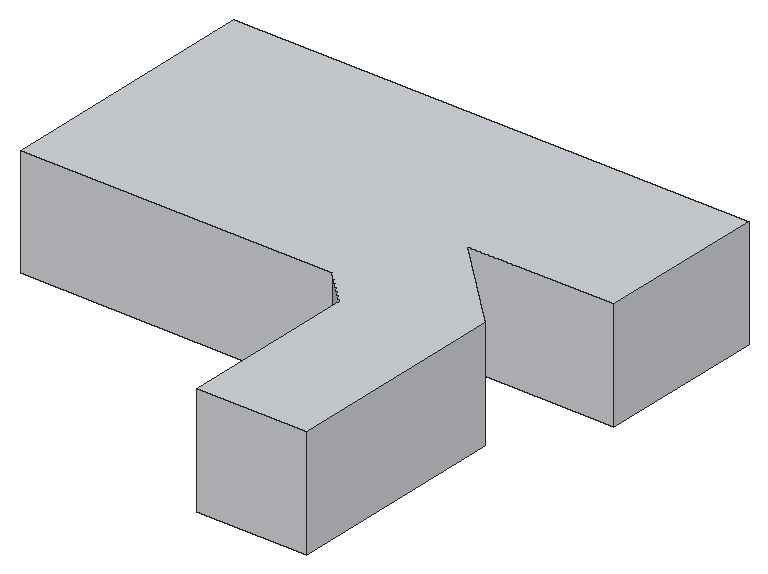
Revit family "Climaver_R branch", category Tvarovky potrubí, Revit 2022
Family settings
  Kóta kulaté spojky = Použít průměr
  Typ dílu = Spoj T
  Číslo OmniClass = 23.75.70.14
  Nadpis OmniClass = Air Ductwork
  Založené na pracovní rovině = Ne
  Vždy vertikální = Ano
  Ořezat dutým tvarem při načtení = Ne
  Sdílené = Ne
Parameters (values of type "CLIMAVER Plus R, CLIMAVER A2 Plus")
  x23 [instance] = External dimension_Width 3 * tan(22.50°) + Lenght of inner part 1  # 1138.175 mm
  symbol [instance] = 3000 mm + if(DUCT_WIDTH = DUCT_WIDTH 2, 0 mm, External dimension_Width / 2 - External dimension_Width 2 / 2) - DUCT_WIDTH 2 / 2  # 2915 mm
  note_R4 = "Contact climaver team. The table below indicates the types of reinforcement and the distance between each reinforcement.\r\n"  # constant formula
  note_R3 = "Reinforcement is required. For more information, visit the manufacturer's website. The table below indicates the types of reinforcement and the distance between each reinforcement.\r\n"  # constant formula
  note_R2 = "At pressures greater than 200 Pa it is necessary to reinforce. For more information, visit the manufacturer's website. The table below indicates the types of reinforcement and the distance between each reinforcement.\r\n"  # constant formula
  note_R1 = "At pressures greater than 400 Pa it is necessary to reinforce. For more information, visit the manufacturer's website. The table below indicates the types of reinforcement and the distance between each reinforcement.\r\n"  # constant formula
  dw205 [instance] = DUCT_WIDTH 2 / 2  # 242.5 mm
  WAR_R4 [instance] = or(DUCT_WIDTH > 1500 mm, DUCT_HEIGHT > 1500 mm)  # no
  WAR_R3 [instance] = or(DUCT_WIDTH > 1050 mm, DUCT_HEIGHT > 1050 mm)  # no
  WAR_R2 [instance] = or(DUCT_WIDTH > 900 mm, DUCT_HEIGHT > 900 mm)  # no
  WAR_R1 [instance] = or(DUCT_WIDTH > 600 mm, DUCT_HEIGHT > 600 mm)  # yes
  URL3 = ""
  URL2 = "https://www.isover-technical-insulation.com/products/climaverr-a2-plus"
  URL1 = "https://www.isover-technical-insulation.com/products/climaverr-plus-r"
  TYPE = "Fitting"  # constant formula
  SL [instance] = PP / sin(45.00°)  # 49.497 mm
  Reinforcement note [instance] = if(WAR_R4, note_R4, if(WAR_R3, note_R3, if(WAR_R2, note_R2, if(WAR_R1, note_R1, ""))))  # "At pressures greater than 400 Pa it is necessary to reinforce. For more information, visit the manufacturer's website. The table below indicates the types of reinforcement and the distance between each reinforcement.\r\n"
  PS32 [instance] = if(Duct_width 3 < DUCT_WIDTH 2, Duct_width 3 / 2, Duct_width 3 / 2)  # 150 mm
  PP [instance] = External dimension_Width 2 + External dimension_Width 3 - External dimension_Width  # 35 mm
  PANEL THICKNESS = 25 mm
  PANEL AREA [instance] = 2 * (External dimension_Width + External dimension_Height + 200 mm) * (Lenght of inner part 1 + x11 + Lenght of inner part 2 + (3000 mm - x22)) + 2 * (External dimension_Width 3 + External dimension_Height + 200 mm) * (Lenght of inner part of the branch + x31 + (External dimension_Width / 2))  # 7.33215 m²
  x31 [instance] = (tan(22.50°) * External dimension_Width 3 / 2) + 3000 mm - db + d1  # 531.066 mm
  x22 [instance] = x11 + Lenght of inner part 1 + 3000 mm - ds3 - d3 - if(ds2 < 0 mm, 0 mm, ds2)  # 3101.091 mm
  x11 [instance] = d1 + (tan(22.50°) * External dimension_Width 3 / 2)  # 281.066 mm
  note_R = "Branch widths cannot be the same as the dimension of the main part"  # constant formula
  note_L3 min = "The minimum dimension of parameter was exceeded. Lenght of inner part of the branch = 200 mm"  # constant formula
  note_L2 min = "The minimum dimension of parameter was exceeded. Length of inner part 2 = 200 mm."  # constant formula
  note_A = "The minimum dimension of parameter was exceeded. Lenght of inner chamfered part = 150 mm"  # constant formula
  note_L1 min = "The minimum dimension of parameter was exceeded. Length of inner part 1 = 200 mm."  # constant formula
  note_L max = "Warning: The fitting must be constructed from more parts."  # constant formula
  note_Di = "The internal dimensions should be at least 200 mm (the recommended min.value for the DUCT_WIDTH and DUCT_HEIGHT)"  # constant formula
  ds3 [instance] = tan(22.50°) * External dimension_Width 3 / 2  # 72.487 mm
  ds2 [instance] = tan(45.00°) * ds  # 35 mm
  ds [instance] = External dimension_Width 2 + External dimension_Width 3 - External dimension_Width  # 35 mm
  db [instance] = 3000 mm - (External dimension_Width / 2 - External dimension_Width 3 / 2)  # 2750 mm
  d5 [instance] = tan(22.50°) * External dimension_Width 3 / 2 * 2 + Lenght of inner chamfered part  # 294.975 mm
  d3 [instance] = Lenght of inner part 1 + tan(22.50°) * External dimension_Width 3 / 2  # 1065.687 mm
  d [instance] = 3000 mm + if(DUCT_WIDTH = DUCT_WIDTH 2, 0 mm, External dimension_Width / 2 - External dimension_Width 2 / 2)  # 3157.5 mm
  Wvzd [instance] = External dimension_Width / 3 * 2  # 566.667 mm
  WAR_R [instance] = if(or(DUCT_WIDTH = DUCT_WIDTH 2, DUCT_WIDTH = Duct_width 3), 0 mm, 1 mm)  # 1 mm
  WAR_A [instance] = if(Lenght of inner chamfered part < Minimum lenght of middle part, 0 mm, 1 mm)  # 1 mm
  L_S3 [instance] = DUCT_WIDTH 3 / 2 - ((DUCT_WIDTH 2 + DUCT_WIDTH 3) / 2 - (d - db))  # 165 mm
  L_1x2 [instance] = d3 + (DUCT_WIDTH 3 / 2) / sin(45.00°) - L_S3  # 1112.819 mm
  Installation manual = "https://ssi-climaver.com/assets/pdf/20180924%20climaver_installation_manual_din_a5.pdf"
  Výchozí výška = 0 mm
  DUCT_WIDTH 3 [instance] = Duct_width 3  # 300 mm
  DUCT_WIDTH [instance] = 800 mm
  PS3 [instance] = Duct_width 3 / 2  # 150 mm
  Perimetr [instance] = 2 * External dimension_Height + 2 * if(External dimension_Width 2 > External dimension_Width 3, External dimension_Width 2, External dimension_Width 3) + 200 mm  # 1970 mm
  Minimum lenght of middle part [instance] = 150 mm  # constant formula
  Maximum lenght of inner part [instance] = 200 mm  # constant formula
  Maximum perimetr of one panel [instance] = 3000 mm  # constant formula
  MAXIMUM DIMENSION [instance] = if(External dimension_Width > External dimension_Height, External dimension_Width, External dimension_Height)  # 850 mm
  Lenght of inner chamfered part [instance] = 150 mm
  d1 [instance] = d4  # 208.579 mm
  d4 [instance] = cos(45.00°) * d5  # 208.579 mm
  Warnings = yes
  Warning note [instance] = if(WAR_Di = 0 mm, note_Di, if(WAR_A = 0 mm, note_A, if(WAR_L1 min = 0 mm, note_L1 min, if(WAR_L2 min = 0 mm, note_L2 min, if(WAR_L3 min = 0 mm, note_L3 min, if(WAR_L max = 0 mm, note_L max, if(WAR_R = 0 mm, note_R, "")))))))  # "Warning: The fitting must be constructed from more parts."
  WAR_L3 min [instance] = if(Lenght of inner part of the branch < Maximum lenght of inner part, 0 mm, 1 mm)  # 1 mm
  WAR_L2 min [instance] = if(Lenght of inner part 2 < Maximum lenght of inner part, 0 mm, 1 mm)  # 1 mm
  WAR_L1 min [instance] = if(Lenght of inner part 1 < Maximum lenght of inner part, 0 mm, 1 mm)  # 1 mm
  WAR_L max [instance] = if(or(Lenght of outer part of continuous piece > Maximum lenght, Perimetr > Maximum perimetr of one panel, (Lenght of inner part 1 + Lenght of inner part of the branch + Lenght of inner chamfered part) > Maximum lenght), 0 mm, 1 mm)  # 0 mm
  WAR_Di [instance] = if((or(DUCT_WIDTH < 200 mm, DUCT_WIDTH 2 < 200 mm, DUCT_HEIGHT < 200 mm, DUCT_HEIGHT < 200 mm)), 0 mm, 1 mm)  # 1 mm
  WAR [instance] = if(or(WAR_L1 min = 0 mm, WAR_L2 min = 0 mm, WAR_L3 min = 0 mm, WAR_R = 0 mm), 0 mm, 1 mm)  # 1 mm
  W [instance] = and(WAR = 0 mm, Warnings)  # no
  Výrobce = "Saint-Gobain - Isover"
  External dimension_Width 3 [instance] = Duct_width 3 + 2 * PANEL THICKNESS  # 350 mm
  External dimension_Width [instance] = DUCT_WIDTH + 2 * PANEL THICKNESS  # 850 mm
  External dimension_Height [instance] = DUCT_HEIGHT + 2 * PANEL THICKNESS  # 350 mm
  External dimension_Width 2 [instance] = DUCT_WIDTH 2 + 2 * PANEL THICKNESS  # 535 mm
  Duct_width 3 [instance] = 300 mm
  Maximum lenght [instance] = 1190 mm
  Lenght of inner part 2 [instance] = 468.2 mm
  Family collaps = no
  Lenght of outer part of continuous piece [instance] = x11 + Lenght of inner part 1 + Lenght of inner part 2 - x22 + 3000 mm  # 1641.375 mm
  URL = "https://www.isover-technical-insulation.com/hvac/climaverr-self-supporting-ducts"
  Popis = "R branch"
  Model = "CLIMAVER Plus R, CLIMAVER A2 Plus (Fire reaction B-s1, d0; A2-s1, d0, Acoustic absorption 0,30)"
  Material = none
  Komentáře k typům = "Glass wool duct boards for air conditioning, ventilation and heating systems. The system allow to make foursquare duct/duct lines (straight duct, elbow, offset, branch etc.) The panel a high density glass wool duct board and is faced on both sides. The outer facing, a robust aluminum facing, acts as a vapor barrier and ensures that the duct is airtight. The inner facing of the duct may be either a reinforced aluminum facing or a woven glass facing.The pre-insulated, self-supporting duct is designed to offer excellent acoustics, excellent thermal performance and a high level of air-tightness, making the system energy efficient. Application as EN 13403, Airtightness: Thermal conductivity λ = 0,032 [W/(m·K)] for T = 10 °C, Class D, Maximum Static pressure: 800 Pa, Maximum air speed: 18 m/s, Maximum temperature of circulating air: 90°C, Maximum external air temperature 60°C, Minimum temperature: – 30˚C, Dimensional stability: Quantities and measured values : <1 %, Duct assembly: exclusive male/female molded shiplap, Water-vapour diffusion resistence: >140 m².h.Pa/mg (from the facing)."  # constant formula
  Lenght of inner part of the branch [instance] = 564.1 mm
  Lenght of inner part 1 [instance] = 993.2 mm
  DUCT_WIDTH 2 [instance] = 485 mm
  DUCT_HEIGHT [instance] = 300 mm
  Collapse [instance] = and(WAR = 0 mm, Family collaps)  # no
  COPYRIGHT = "Saint-Gobain - Isover"  # constant formula
Types (4, lengths in mm): name | x23 | symbol | dw205 | WAR_R1 | URL3 | URL2 | URL1 | SL | Reinforcement note | PS32 | PP | PANEL THICKNESS | PANEL AREA | x31 | x22 | x11 | ds3 | ds2 | ds | db | d5 | d3 | d | Wvzd | L_S3 | L_1x2 | DUCT_WIDTH 3 | DUCT_WIDTH | PS3 | Perimetr | MAXIMUM DIMENSION | d1 | d4 | Warning note | WAR_L max | External dimension_Width 3 | External dimension_Width | External dimension_Height | External dimension_Width 2 | Duct_width 3 | Maximum lenght | Lenght of inner part 2 | Lenght of outer part of continuous piece | Model | Lenght of inner part of the branch | Lenght of inner part 1 | DUCT_WIDTH 2
  CLIMAVER Plus R, CLIMAVER A2 Plus | 1138.175 | 2915 | 242.5 | yes | "" | "https://www.isover-technical-insulation.com/products/climaverr-a2-plus" | "https://www.isover-technical-insulation.com/products/climaverr-plus-r" | 49.497 | "At pressures greater than 400 Pa it is necessary to reinforce. For more information, visit the manufacturer's website. The table below indicates the types of reinforcement and the distance between each reinforcement.\r\n" | 150 | 35 | 25 | 7.33215 m² | 531.066 | 3101.091 | 281.066 | 72.487 | 35 | 35 | 2750 | 294.975 | 1065.687 | 3157.5 | 566.667 | 165 | 1112.819 | 300 | 800 | 150 | 1970 | 850 | 208.579 | 208.579 | "Warning: The fitting must be constructed from more parts." | 0 | 350 | 850 | 350 | 535 | 300 | 1190 | 468.2 | 1641.375 | "CLIMAVER Plus R, CLIMAVER A2 Plus (Fire reaction B-s1, d0; A2-s1, d0, Acoustic absorption 0,30)" | 564.1 | 993.2 | 485
  CLIMAVER Neto, CLIMAVER A2 Neto | 344.975 | 2850 | 200 | no | "" | "https://www.isover-technical-insulation.com/products/climaverr-a2-neto" | "https://www.isover-technical-insulation.com/products/climaverr-neto" | 353.553 | "" | 150 | 250 | 25 | 3.28986 m² | 381.066 | 2886.091 | 281.066 | 72.487 | 250 | 250 | 2900 | 294.975 | 272.487 | 3050 | 366.667 | -50 | 534.619 | 300 | 500 | 150 | 1800 | 550 | 208.579 | 208.579 | "" | 1 | 350 | 550 | 350 | 450 | 300 | 1190 | 200 | 794.975 | "CLIMAVER Neto, CLIMAVER A2 Neto (Fire reaction B-s1, d0; A2-s1, d0, Acoustic absorption 0,85)" | 200 | 200 | 400
  CLIMAVER A2 Deco | 303.553 | 2950 | 150 | no | "" | "" | "https://www.isover-technical-insulation.com/products/climaverr-a2-deco" | 70.711 | "" | 100 | 50 | 25 | 2.58752 m² | 381.066 | 3077.513 | 231.066 | 51.777 | 50 | 50 | 2850 | 253.553 | 251.777 | 3100 | 366.667 | 100 | 293.198 | 200 | 500 | 100 | 1600 | 550 | 179.289 | 179.289 | "" | 1 | 250 | 550 | 350 | 350 | 200 | 1190 | 200 | 553.553 | "CLIMAVER A2 Deco (Fire behaviour A2-s1, d0, Acoustic absorption 0,85)" | 200 | 200 | 300
  CLIMAVER Apta, A2 Apta, A1 Apta | 315.98 | 2950 | 150 | no | "https://www.isover-technical-insulation.com/products/climaverr-a1-apta" | "https://www.isover-technical-insulation.com/products/climaverr-a2-apta" | "https://www.isover-technical-insulation.com/products/climaverr-apta" | 113.137 | "" | 100 | 80 | 40 | 2.90671 m² | 396.066 | 3050.086 | 246.066 | 57.99 | 80 | 80 | 2850 | 265.98 | 257.99 | 3100 | 386.667 | 100 | 299.411 | 200 | 500 | 100 | 1720 | 580 | 188.076 | 188.076 | "" | 1 | 280 | 580 | 380 | 380 | 200 | 1210 | 200 | 595.98 | "CLIMAVER Apta, A2 Apta, A1 Apta (Fire reaction B-s1, d0; A2-s1, d0; A1, Acoustic absorption 0,90)" | 200 | 200 | 300
Reference planes
  plane 1: z = 0
  plane 2 "Center(Left/Right)": x = 309.645
  plane 3 "Center": y = -295.403
  plane 4: x = 134.645
  plane 5: x = 484.645
  plane 6: y = -3295.403
  plane 7: x = 208.553
  plane 8: x = 28.579
  plane 9: y = -826.469
  plane 10: x = 3309.645
  plane 11 "Symbol": z = 175
  plane 12: z = -175
  plane 13: z = 175
  plane 14: z = -175
Forms (mm)
  Sweep 1, solid, detail levels medium+fine
    path in 3D
      loop
        line (-964.621, -137.903, 0) -> (676.753, -137.903, 0)
    profile "M_Duct - Rectangular : Duct - Rectangular 2" origin (-143.934, -137.903, 0) x (0, 1, 0) y (0, 0, 1)
      loop
        line (-267.5, 175) -> (-267.5, -175) -> (267.5, -175) -> (267.5, 175) -> (-267.5, 175)
  Sweep 2, solid, detail levels medium+fine
    path in 3D
      loop
        line (-964.621, -545.403, 0) -> (101.066, -545.403, 0) -> (309.645, -753.982, 0) -> (309.645, -1390.569, 0)
    profile "M_Duct - Rectangular : Duct - Rectangular 3" origin (-431.778, -545.403, 0) x (0, 1, 0) y (0, 0, 1)
      loop
        line (-175, 175) -> (-175, -175) -> (175, -175) -> (175, 175) -> (-175, 175)
Cuts and joins
  joined: Sweep 1, Sweep 2
Lines and regions (mm)
  model lines, style "InvisibleLines", not visible
    curve 1: line (80.673, 222.588, 0) -> (108.957, 250.873, 0)
    curve 2: line (108.957, 250.873, 0) -> (108.957, 170.873, 0)
  reference lines
    curve 3: line (309.645, -295.403, 0) -> (-964.621, -295.403, 0)
    curve 4: line (-964.621, -137.903, 0) -> (676.753, -137.903, 0)
    curve 5: line (-964.621, -545.403, 0) -> (101.066, -545.403, 0)
    curve 6: line (309.645, -753.982, 0) -> (101.066, -545.403, 0)
    curve 7: line (26.848, -753.982, 0) -> (438.65, -753.982, 0)
    curve 8: line (309.645, -753.982, 0) -> (309.645, -1390.569, 0)
    curve 13: line (676.753, -137.903, 0) -> (676.753, 12.097, 0)
    curve 14: line (-964.621, -57.903, 0) -> (-964.621, -862.652, 0)
    curve 15: line (309.645, -1390.569, 0) -> (484.645, -1390.569, 0)
  sketch lines
    curve 9: line (-964.621, -137.903, 0) -> (676.753, -137.903, 0)
    curve 10: line (-964.621, -545.403, 0) -> (101.066, -545.403, 0)
    curve 11: line (309.645, -753.982, 0) -> (101.066, -545.403, 0)
    curve 12: line (309.645, -753.982, 0) -> (309.645, -1390.569, 0)
  model lines, style "DuctFitting", detail levels coarse
    curve 16: line (-964.621, -545.403, 0) -> (101.066, -545.403, 0)
    curve 17: line (309.645, -753.982, 0) -> (101.066, -545.403, 0)
    curve 18: line (309.645, -753.982, 0) -> (309.645, -1390.569, 0)
    curve 19: line (-964.621, -137.903, 0) -> (676.753, -137.903, 0)
  model lines, style "Climaver_Inner wall of fittings", detail levels medium
    curve 20: line (676.753, 129.597, -150) -> (-964.621, 129.597, -150)
    curve 21: line (676.753, 129.597, 150) -> (-964.621, 129.597, 150)
    curve 22: line (28.579, -720.403, 150) -> (134.645, -826.469, 150)
    curve 23: line (28.579, -720.403, -150) -> (134.645, -826.469, -150)
    curve 24: line (-964.621, -720.403, 150) -> (28.579, -720.403, 150)
    curve 25: line (-964.621, -720.403, -150) -> (28.579, -720.403, -150)
    curve 26: line (134.645, -826.469, 150) -> (134.645, -1390.569, 150)
    curve 27: line (134.645, -826.469, -150) -> (134.645, -1390.569, -150)
    curve 28: line (484.645, -681.495, 150) -> (208.553, -405.403, 150)
    curve 29: line (484.645, -681.495, -150) -> (208.553, -405.403, -150)
    curve 30: line (208.553, -405.403, 150) -> (676.753, -405.403, 150)
    curve 31: line (208.553, -405.403, -150) -> (676.753, -405.403, -150)
    curve 32: line (484.645, -1390.569, 150) -> (484.645, -681.495, 150)
    curve 33: line (484.645, -1390.569, -150) -> (484.645, -681.495, -150)
    curve 34: line (159.645, -816.114, 175) -> (159.645, -1390.569, 175)
    curve 35: line (459.645, -691.85, 175) -> (459.645, -1390.569, 175)
    curve 38: line (148.198, -380.403, 175) -> (676.753, -380.403, 175)
    curve 39: line (-964.621, -695.403, 175) -> (38.934, -695.403, 175)
    curve 40: line (-964.621, 104.597, 175) -> (676.753, 104.597, 175)
    curve 41: line (38.934, -695.403, 175) -> (159.645, -816.114, 175)
    curve 42: line (148.198, -380.403, 175) -> (459.645, -691.85, 175)
    curve 45: line (159.645, -816.114, -175) -> (159.645, -1390.569, -175)
    curve 46: line (-964.621, -695.403, -175) -> (38.934, -695.403, -175)
    curve 47: line (38.934, -695.403, -175) -> (159.645, -816.114, -175)
    curve 48: line (148.198, -380.403, -175) -> (676.753, -380.403, -175)
    curve 49: line (-964.621, 104.597, -175) -> (676.753, 104.597, -175)
    curve 51: line (459.645, -691.85, -175) -> (459.645, -1390.569, -175)
    curve 52: line (148.198, -380.403, -175) -> (459.645, -691.85, -175)
  model lines, style "Climaver_Inner wall of fittings", not visible, detail levels medium
    curve 36: line (676.753, 104.597, 175) -> (676.753, -380.403, 175)
    curve 37: line (159.645, -1390.569, 175) -> (459.645, -1390.569, 175)
    curve 43: line (-964.621, 104.597, 175) -> (-964.621, -380.403, 175)
    curve 44: line (148.198, 104.597, 175) -> (148.198, -380.403, 175)
    curve 50: line (148.198, 104.597, -175) -> (148.198, -380.403, -175)
Dimensions and locks
  equal spacing: plane 4, plane 2 "Center(Left/Right)", plane 5
  "External dimension_Width 3": plane 4 to plane 5
  "d1": curve 7 to curve 5
  "d5": curve 6 to curve 6
  "d3": curve 5 to curve 5
  plane 3 "Center" to plane 6 = 3000 mm
  "db": curve 5 to plane 6
  "d": curve 4 to plane 6
  "Lenght of inner part 2": plane 7 to curve 13
  "x11": plane 8 to plane 2 "Center(Left/Right)"
  "Lenght of inner part 1": curve 14 to plane 8
  "x31": plane 3 "Center" to plane 9
  "Lenght of inner part of the branch": plane 9 to curve 15
  "Wvzd": nested 1 to plane 3 "Center"
  locked: plane 2 "Center(Left/Right)" to plane 10 at 3000
  "x22": plane 7 to plane 10
  equal spacing: curve 20, level, curve 21
  "DUCT_HEIGHT": curve 20 to curve 21
  equal spacing: curve 23, level, curve 22
  "DUCT_HEIGHT": curve 23 to curve 22
  equal spacing: curve 24, level, curve 25
  "DUCT_HEIGHT": curve 24 to curve 25
  equal spacing: curve 26, level, curve 27
  "DUCT_HEIGHT": curve 27 to curve 26
  equal spacing: curve 28, level, curve 29
  "DUCT_HEIGHT": curve 29 to curve 28
  equal spacing: curve 30, curve 19, curve 31
  "DUCT_HEIGHT": curve 30 to curve 31
  equal spacing: curve 32, level, curve 33
  "DUCT_HEIGHT": curve 33 to curve 32
  equal spacing: plane 11 "Symbol", plane 1, plane 12  (x2)
  "External dimension_Height": plane 11 "Symbol" to plane 12
  equal spacing: curve 34, curve 8, curve 35
  "DUCT_WIDTH 3": curve 34 to curve 35
  equal spacing: plane 13, level, plane 14
  "External dimension_Height": plane 13 to plane 14
  equal spacing: plane 13, plane 1, plane 14
  equal spacing: curve 39, curve 3, curve 40
  "PANEL THICKNESS": curve 40 to curve 20
  equal spacing: curve 38, curve 4, curve 40
  "L_1x2": curve 14 to curve 44
  "PANEL THICKNESS": Sweep 2 to curve 41
  "PANEL THICKNESS": Sweep 2 to curve 42
  curve 48 to curve 49 = 485 mm
  "L_1x2": curve 14 to curve 50
  "PANEL THICKNESS": cut or joined group of Sweep 1, Sweep 2 to curve 47
  "PANEL THICKNESS": cut or joined group of Sweep 1, Sweep 2 to curve 52
  "PANEL THICKNESS": cut or joined group of Sweep 1, Sweep 2 to curve 46
  "PANEL THICKNESS": cut or joined group of Sweep 1, Sweep 2 to curve 49
  "PANEL THICKNESS": cut or joined group of Sweep 1, Sweep 2 to curve 45
  "PANEL THICKNESS": curve 51 to cut or joined group of Sweep 1, Sweep 2
  "PANEL THICKNESS": cut or joined group of Sweep 1, Sweep 2 to curve 48
  locked: plane 2 "Center(Left/Right)" to curve 6 (angle 45.00°)
  aligned and locked: plane 2 "Center(Left/Right)" to curve 3
  aligned and locked: curve 6 to plane 2 "Center(Left/Right)"
  aligned and locked: curve 7 to curve 8
  aligned and locked: curve 4 to curve 13
  aligned and locked: curve 14 to curve 5
  aligned and locked: curve 15 to plane 2 "Center(Left/Right)"
  aligned and locked: plane 5 to curve 15
  aligned and locked: plane 2 "Center(Left/Right)" to nested 1
  aligned and locked: curve 5 to curve 16
  aligned and locked: curve 17 to curve 6
  aligned and locked: curve 18 to curve 8
  aligned and locked: curve 4 to curve 19
  aligned and locked: curve 19 to curve 13
  aligned and locked: curve 36 to curve 13
  aligned and locked: curve 37 to curve 15
  aligned and locked: curve 43 to curve 14
  aligned and locked: cut or joined group of Sweep 1, Sweep 2 to curve 45
  aligned and locked: cut or joined group of Sweep 1, Sweep 2 to curve 51
  aligned and locked: cut or joined group of Sweep 1, Sweep 2 to curve 19
  aligned and locked: cut or joined group of Sweep 1, Sweep 2 to curve 18
  aligned and locked: cut or joined group of Sweep 1, Sweep 2 to curve 16
  aligned and locked: cut or joined group of Sweep 1, Sweep 2 to curve 30
  aligned and locked: cut or joined group of Sweep 1, Sweep 2 to curve 31
  aligned and locked: cut or joined group of Sweep 1, Sweep 2 to curve 28
  aligned and locked: cut or joined group of Sweep 1, Sweep 2 to curve 29
  aligned and locked: curve 44 to curve 42
  aligned and locked: curve 14 to curve 39
Automatic sketch dimensions
  curve 3 to plane 3 "Center" = 0 mm
  curve 14 to plane 9 = 36.183 mm
  curve 4 to curve 14 = 80 mm
  curve 4 to curve 13 = 150 mm
  curve 7 to curve 6 = 0 mm
  curve 7 to curve 5 = 74.218 mm
  curve 8 to curve 7 = 129.005 mm
  curve 20 to Sweep 1 = 0 mm
  curve 21 to Sweep 1 = 0 mm
  Sweep 1 to curve 21 = 0 mm
  Sweep 1 to curve 20 = 0 mm
  curve 23 to Sweep 2 = 0 mm  (x2)
  curve 22 to Sweep 2 = 0 mm  (x2)
  curve 25 to Sweep 2 = 0 mm  (x2)
  curve 24 to Sweep 2 = 0 mm  (x2)
  curve 27 to Sweep 2 = 0 mm  (x2)
  curve 26 to Sweep 2 = 0 mm  (x2)
  curve 29 to Sweep 2 = 0 mm
  curve 28 to Sweep 2 = 0 mm
  Sweep 1 to curve 31 = 0 mm
  Sweep 1 to curve 30 = 0 mm
  curve 32 to Sweep 2 = 0 mm  (x2)
  curve 33 to Sweep 2 = 0 mm  (x2)
  curve 46 to Sweep 1 = 0 mm
  curve 48 to Sweep 1 = 0 mm
  curve 49 to Sweep 1 = 0 mm  (x2)
  curve 43 to plane 3 "Center" = 85 mm
Nested families
  nested 1: "Warnings_HVAC" at (312.145, 271.263, 0) x (0, 0, 1) z (0, 1, 0), visible <- "W", type "Warnings_HVAC"
    with Viditelnost yes
Connectors
  hvac at (-964.621, -295.403, 0), driven by "DUCT_HEIGHT", driven by "DUCT_WIDTH"
    settings: on curve 3, index 1, duct flow 0.0 L/s, flow factor 0, pres drop 0.0 Pa, loss coef 0, conn angle 0.00°, conn width 800 mm, conn height 300 mm, conn diameter 609.6 mm, duct sys type 28, conn prof type 1, flow config 0, flow direction 0, loss method 0, conn ref index 2, conn util no, is conn primary yes, conn desc ""
  hvac at (676.753, -137.903, 0), driven by "DUCT_HEIGHT", driven by "DUCT_WIDTH 2"
    settings: on curve 4, index 2, duct flow 0.0 L/s, flow factor 0, pres drop 0.0 Pa, loss coef 0, conn angle 0.00°, conn width 485 mm, conn height 300 mm, conn diameter 609.6 mm, duct sys type 28, conn prof type 1, flow config 0, flow direction 0, loss method 0, conn ref index 1, conn util no, is conn primary no, conn desc ""
  hvac at (309.645, -1390.569, 0), driven by "DUCT_HEIGHT", driven by "Duct_width 3"
    settings: on curve 8, index 3, duct flow 0.0 L/s, flow factor 0, pres drop 0.0 Pa, loss coef 0, conn angle 0.00°, conn width 300 mm, conn height 300 mm, conn diameter 609.6 mm, duct sys type 28, conn prof type 1, flow config 0, flow direction 0, loss method 0, conn ref index -1, conn util no, is conn primary no, conn desc ""
Definition of nested family "Warnings_HVAC"
  Parameters (values of type "Warnings_HVAC")
    Manufacturer = ""
    Default Elevation = 0 mm
    Viditelnost [instance] = yes
    URL = ""
    Description = ""
    Model = ""
    Type Comments = ""
    Collapse = no
    Collapser = if(Collapse, -1 mm, 206 mm)  # 206 mm
    Cost = 0
    COPYRIGHT = "© cadconsulting, spol. s r.o."  # constant formula
  Reference planes
    plane 1 "Střed (vpředu/vzadu)": z = 0
    plane 2: z = 0
    plane 3 "Střed (vlevo/vpravo)": x = 0
    plane 4: z = 50
    plane 5: z = 256
    plane 6 "Střed Vpředu/Vzadu": y = -2.5
  Forms (mm)
    Revolve 1, solid, visible <- "Viditelnost"
      sketch origin (0, -2.5, 1200) x (1, 0, 0) y (0, 0, 1)
        loop
          line (-18.367, -945.083) -> (-8.69, -1109.259)
          arc (-8.69, -1109.259) -> (-5.971, -1115.081) -> (0, -1117.452) r 8.705
          line (0, -1117.452) -> (0, -925.601)
          arc (0, -925.601) -> (-13.387, -931.379) -> (-18.367, -945.083) r 18.399
        loop
          arc (0, -1135) -> (-15, -1150) -> (0, -1165) r 15
          line (0, -1165) -> (0, -1135)
        axis (0, -1165) -> (0, -925.601)
      angle from 0 to 360
  Lines and regions (mm)
    reference lines
      curve 1: line (0, -2.5, 50) -> (0, -2.5, 261)
  Dimensions and locks
    "Collapser": plane 5 to plane 4
    locked: plane 4 to plane 2 at 50
    aligned and locked: level to plane 2
    aligned and locked: plane 4 to curve 1
    aligned and locked: plane 3 "Střed (vlevo/vpravo)" to curve 1
    aligned and locked: Revolve 1 sketch curve to plane 3 "Střed (vlevo/vpravo)"
    aligned and locked: plane 3 "Střed (vlevo/vpravo)" to Revolve 1 sketch curve  (x3)
    aligned and locked: plane 5 to Revolve 1 sketch curve
    aligned and locked: plane 4 to Revolve 1 sketch curve
  Automatic sketch dimensions
    curve 1 to plane 5 = 5 mm
    Revolve 1 sketch curve to plane 3 "Střed (vlevo/vpravo)" = 0 mm
    Revolve 1 sketch curve to plane 4 = 0 mm
    Revolve 1 sketch curve to plane 5 = 0 mm
    Revolve 1 sketch curve to plane 3 "Střed (vlevo/vpravo)" = 8.69 mm
    plane 5 to Revolve 1 sketch curve = 1.083 mm
    Revolve 1 sketch curve to plane 3 "Střed (vlevo/vpravo)" = 18.367 mm
    Revolve 1 sketch curve to Revolve 1 sketch curve = 15 mm
    Revolve 1 sketch curve to Revolve 1 sketch curve = 8.193 mm
